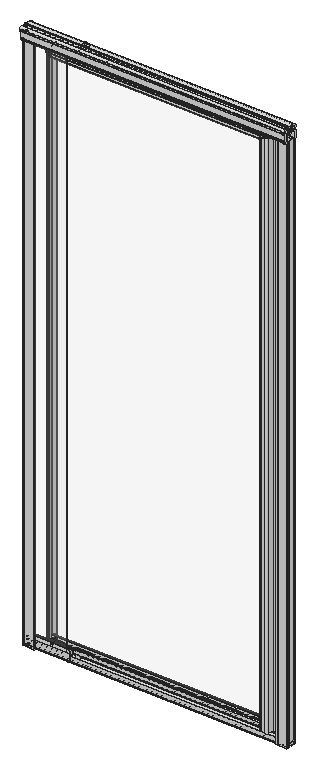
Revit family "Shower-Shower_Door-STERLING-Deluxe-572118_1", category Specialty Equipment, host Face, Revit 2021
Family settings
  Host = Face
  Round Connector Dimension = Use Diameter
  Part Type = Normal
  OmniClass Number = 23.31.17.17
  OmniClass Title = Shower Enclosures
  Cut with Voids When Loaded = No
  Shared = No
  Room Calculation Point = No
Parameters (values of type "S-Silver")
  Width [instance] = 2.23819" + Walk Through + 6.6563"  # 31.21732"
  WaterSense Certified = 1 = 0  # no
  Walk Through [instance] = 22.32283"
  URL = "https://www.sterlingplumbing.com/"
  Type = 1
  Product Page URL = "http://www.sterlingplumbing.com/detail?productNumber=572118-3G06"
  Product Name = "Deluxe"  # constant formula
  Product Documentation Link = "https://resources.kohler.com/plumbing/sterling/pdf/572118-3G06_spec_US-CA_Sterling_en.pdf"
  Model = "572118-3G06-S"  # constant formula
  Material = "Premium Metal Construction"  # constant formula
  Master Format 2014 Name = "Shower Doors"  # constant formula
  Master Format 2014 = "10 28 19.16"  # constant formula
  Manufacturer Address = "444 Highland Dr, Kohler, WI 53044"  # constant formula
  Manufacturer = "Sterling Co."  # constant formula
  Length = 2 15/256"  # constant formula
  Height = 65.6752"  # constant formula
  Finish = Sterling-Metal-S-Silver
  Environmental Product Declaration = ""
  Distance [instance] = Walk Through + 2.1248"  # 24.44764"
  Description = "Bypass Door 65.5 X 32"  # constant formula
  Default Elevation = 4"
  Declare Label = ""
  Date Modified = "01/19/2023"  # constant formula
  Date Created = "01/19/2023"  # constant formula
  Copyright = "Copyright Sterling Co."  # constant formula
  Contact Us = "https://www.sterlingplumbing.com/contact-us"
  Assembly Code = "C1030200"
  ADA Compliant = 1 = 0  # no
Reference planes (in)
  plane 1 "Center (Front/Back)": y = 0
  plane 2: z = 0
  plane 3 "Center (Left/Right)": x = 0
  plane 4: x = -14.7125
  plane 5: x = -12.32296
  plane 6: x = -7.94281
  plane 7: x = 16.50482
  plane 8: y = 0.94571
  plane 9: y = 0.87118
  plane 10: y = -1.11288
  plane 11: y = 0.485
  plane 12: z = 65.6752
  plane 13: z = 65.565
  plane 14: z = 63.733
  plane 15: x = -9.5705
  plane 16: x = -9.7125
  plane 17: x = 16.39324
  plane 18: x = 14.38002
  plane 19: x = 13.48337
  plane 20: x = 14.92268
  plane 21: x = 14.53951
  plane 22: x = 14.24468
Dimensions and locks (in)
  "Length": plane 10 to plane 8
  "Height": plane 12 to level
  plane 4 to plane 6 = 6.76969"
  plane 16 to plane 4 = 5"
  plane 19 to plane 22 to plane 21 to plane 20 to plane 17 to plane 7 = 0.7613" locked, 0.29484" locked, 0.38316" locked, 1.47056" locked, 0.11158" locked
  "Walk Through": plane 6 to plane 18
  "Width": plane 7 to plane 4
  "Distance": plane 6 to plane 7
  aligned and locked: plane 2 to host face
  aligned and locked: level to host face
Automatic sketch dimensions
  host sketch curve to host sketch curve = 96"  (x2)
Nested families (in)
  nested 1: "572118" at (0, 0, 0), type "572118"
    with Distance 24.44764"
Definition of nested family "572118"
  Parameters (values of type "K-572118")
    Distance = 27.55906"
    Material = none
    Default Elevation = 0"
  Reference planes (in)
    plane 1 "Center (Front/Back)": y = 0
    plane 2: z = 0
    plane 3 "Center (Left/Right)": x = 0
    plane 4: x = -14.7125
    plane 5: x = 18.03409
    plane 6: x = -7.9375
    plane 7: x = -12.32296
    plane 8: x = 18.34711
    plane 9: x = 19.62156
    plane 10: x = 19.50859
    plane 11: x = 17.49159
    plane 12: x = 18.03409
    plane 13: x = 19.62156
    plane 14: x = 18.03409
    plane 15: x = 19.50859
    plane 16: x = 17.65093
    plane 17: x = 17.34256
    plane 18: y = -1.111
    plane 19: y = 0.485
    plane 20: y = 0.87118
    plane 21: y = 0.94571
    plane 22: z = 65.675
    plane 23: z = 65.565
    plane 24: x = -9.5705
    plane 25: x = 16.59479
    plane 26: x = -9.7125
  Forms (in)
    Extrusion 1, solid, material <- "Material", detail levels medium+fine
      sketch origin (0, 0, 0) x (0, 1, 0) y (0, 0, 1)
        loop
          line (-1.061, 65.13165) -> (-1.061, 65.27359)
          arc (-1.061, 65.27359) -> (-1.01079, 65.39479) -> (-0.88959, 65.445) r 0.17141
          line (-0.88959, 65.445) -> (-0.70057, 65.445)
          arc (-0.70057, 65.445) -> (-0.68673, 65.43927) -> (-0.681, 65.42543) r 0.01957
          line (-0.681, 65.42543) -> (-0.681, 64.84236)
          arc (-0.681, 64.84236) -> (-0.656, 64.81736) -> (-0.631, 64.84236) r 0.025
          line (-0.631, 64.84236) -> (-0.631, 65.42479)
          arc (-0.631, 65.42479) -> (-0.62508, 65.43908) -> (-0.61079, 65.445) r 0.02021
          line (-0.61079, 65.445) -> (-0.43965, 65.445)
          arc (-0.43965, 65.445) -> (-0.42575, 65.43925) -> (-0.42, 65.42535) r 0.01965
          line (-0.42, 65.42535) -> (-0.42, 64.88523)
          arc (-0.42, 64.88523) -> (-0.39943, 64.83557) -> (-0.34977, 64.815) r 0.07023
          line (-0.34977, 64.815) -> (-0.29484, 64.815)
          arc (-0.29484, 64.815) -> (-0.26984, 64.84) -> (-0.29484, 64.865) r 0.025
          line (-0.29484, 64.865) -> (-0.34974, 64.865)
          arc (-0.34974, 64.865) -> (-0.36407, 64.87093) -> (-0.37, 64.88526) r 0.02026
          line (-0.37, 64.88526) -> (-0.37, 65.46846)
          arc (-0.37, 65.46846) -> (-0.35637, 65.50137) -> (-0.32346, 65.515) r 0.04654
          line (-0.32346, 65.515) -> (0.2445, 65.515)
          arc (0.2445, 65.515) -> (0.36506, 65.46506) -> (0.415, 65.3445) r 0.1705
          line (0.415, 65.3445) -> (0.415, 65.24513)
          arc (0.415, 65.24513) -> (0.41118, 65.22664) -> (0.40035, 65.21118) r 0.04667
          arc (0.40035, 65.21118) -> (0.38531, 65.18969) -> (0.38, 65.164) r 0.06485
          line (0.38, 65.164) -> (0.38, 64.88458)
          arc (0.38, 64.88458) -> (0.37427, 64.87073) -> (0.36042, 64.865) r 0.01958
          line (0.36042, 64.865) -> (0.31009, 64.865)
          arc (0.31009, 64.865) -> (0.28509, 64.84) -> (0.31009, 64.815) r 0.025
          line (0.31009, 64.815) -> (0.39529, 64.815)
          arc (0.39529, 64.815) -> (0.40923, 64.80923) -> (0.415, 64.79529) r 0.01971
          line (0.415, 64.79529) -> (0.415, 64.02433)
          arc (0.415, 64.02433) -> (0.44, 63.99933) -> (0.465, 64.02433) r 0.025
          line (0.465, 64.02433) -> (0.465, 64.39144) -> (0.485, 64.42) -> (0.46, 64.445) -> (0.485, 64.47) -> (0.465, 64.49384) -> (0.465, 64.81125)
          arc (0.465, 64.81125) -> (0.45913, 64.83937) -> (0.4425, 64.86278) r 0.07025
          arc (0.4425, 64.86278) -> (0.43326, 64.87578) -> (0.43, 64.89139) r 0.039
          line (0.43, 64.89139) -> (0.43, 65.15803)
          arc (0.43, 65.15803) -> (0.43416, 65.17548) -> (0.44575, 65.18916) r 0.03862
          arc (0.44575, 65.18916) -> (0.45991, 65.20587) -> (0.465, 65.22718) r 0.04718
          line (0.465, 65.22718) -> (0.465, 65.34359)
          arc (0.465, 65.34359) -> (0.40015, 65.50015) -> (0.24359, 65.565) r 0.22141
          line (0.24359, 65.565) -> (-0.37794, 65.565)
          arc (-0.37794, 65.565) -> (-0.39213, 65.55913) -> (-0.398, 65.54494) r 0.02006
          line (-0.398, 65.54494) -> (-0.398, 65.495) -> (-0.88885, 65.495)
          arc (-0.88885, 65.495) -> (-1.04593, 65.42993) -> (-1.111, 65.27285) r 0.22215
          line (-1.111, 65.27285) -> (-1.111, 65.08195)
          arc (-1.111, 65.08195) -> (-1.10516, 65.06784) -> (-1.09105, 65.062) r 0.01995
          line (-1.09105, 65.062) -> (-1.0463, 65.062)
          arc (-1.0463, 65.062) -> (-1.03195, 65.05605) -> (-1.026, 65.0417) r 0.0203
          line (-1.026, 65.0417) -> (-1.026, 64.314)
          arc (-1.026, 64.314) -> (-0.9772, 64.1848) -> (-0.85516, 64.12014) r 0.19541
          arc (-0.85516, 64.12014) -> (-0.82401, 64.08246) -> (-0.85965, 64.049) r 0.03571
          line (-0.85965, 64.049) -> (-0.91085, 64.049)
          arc (-0.91085, 64.049) -> (-0.93535, 64.0245) -> (-0.91085, 64) r 0.0245
          line (-0.91085, 64) -> (-0.83459, 64)
          arc (-0.83459, 64) -> (-0.79323, 64.01713) -> (-0.7761, 64.0585) r 0.0585
          line (-0.7761, 64.0585) -> (-0.7761, 64.10153)
          arc (-0.7761, 64.10153) -> (-0.79404, 64.14679) -> (-0.83813, 64.16746) r 0.06605
          arc (-0.83813, 64.16746) -> (-0.93611, 64.2134) -> (-0.976, 64.314) r 0.14681
          line (-0.976, 64.314) -> (-0.976, 65.046)
          arc (-0.976, 65.046) -> (-0.99497, 65.09204) -> (-1.04086, 65.11136) r 0.06536
          arc (-1.04086, 65.11136) -> (-1.05511, 65.11735) -> (-1.061, 65.13165) r 0.02029
      from -14.7125 to 19.62156
    Extrusion 2, solid, material <- "Material", detail levels medium+fine
      sketch origin (9.44882, 0, 0) x (1, 0, 0) y (0, 1, 0)
        loop
          line (8.89829, 0.365) -> (10.10219, 0.365)
          arc (10.10219, 0.365) -> (10.11672, 0.35898) -> (10.12274, 0.34446) r 0.02054
          line (10.12274, 0.34446) -> (10.12274, 0.29589)
          arc (10.12274, 0.29589) -> (10.11831, 0.28108) -> (10.10649, 0.27112) r 0.02702
          arc (10.10649, 0.27112) -> (10.07829, 0.24734) -> (10.06774, 0.212) r 0.06446
          line (10.06774, 0.212) -> (10.06774, -0.443)
          arc (10.06774, -0.443) -> (10.07833, -0.47877) -> (10.10669, -0.503) r 0.06569
          arc (10.10669, -0.503) -> (10.11837, -0.51298) -> (10.12274, -0.52771) r 0.02705
          line (10.12274, -0.52771) -> (10.12274, -0.57682)
          arc (10.12274, -0.57682) -> (10.11819, -0.59229) -> (10.106, -0.60285) r 0.02861
          arc (10.106, -0.60285) -> (10.07813, -0.62698) -> (10.06774, -0.66235) r 0.0654
          line (10.06774, -0.66235) -> (10.06774, -0.71502) -> (9.2617, -0.71502) -> (9.2617, -0.60928) -> (9.2117, -0.60928) -> (9.2117, -0.71502) -> (9.0357, -0.71502) -> (9.0357, -0.66009) -> (8.9857, -0.66009) -> (8.9857, -0.71502) -> (8.89829, -0.71502) -> (8.89829, -0.76512) -> (10.11774, -0.76512) -> (10.11774, -0.67227)
          arc (10.11774, -0.67227) -> (10.12241, -0.65607) -> (10.135, -0.64485) r 0.03041
          arc (10.135, -0.64485) -> (10.16252, -0.62033) -> (10.17274, -0.58492) r 0.06645
          line (10.17274, -0.58492) -> (10.17274, -0.52043)
          arc (10.17274, -0.52043) -> (10.1621, -0.48468) -> (10.13366, -0.46055) r 0.06541
          arc (10.13366, -0.46055) -> (10.12207, -0.45072) -> (10.11774, -0.43616) r 0.02665
          line (10.11774, -0.43616) -> (10.11774, 0.20474)
          arc (10.11774, 0.20474) -> (10.12228, 0.22007) -> (10.13443, 0.23045) r 0.02814
          arc (10.13443, 0.23045) -> (10.16232, 0.25427) -> (10.17274, 0.28943) r 0.06456
          line (10.17274, 0.28943) -> (10.17274, 0.39293)
          arc (10.17274, 0.39293) -> (10.16627, 0.40854) -> (10.15067, 0.415) r 0.02207
          line (10.15067, 0.415) -> (8.89829, 0.415) -> (8.89829, 0.365)
      from 0 to 64
    Extrusion 3, solid, material <- "Material", detail levels medium+fine
      sketch origin (0, 0, 0) x (-1, 0, 0) y (0, -1, 0)
        loop
          arc (14.28493, -0.36596) -> (14.25993, -0.39096) -> (14.28493, -0.41596) r 0.025
          line (14.28493, -0.41596) -> (14.68891, -0.41596)
          arc (14.68891, -0.41596) -> (14.71339, -0.39148) -> (14.68891, -0.367) r 0.02448
          line (14.68891, -0.367) -> (14.5311, -0.367)
          arc (14.5311, -0.367) -> (14.51724, -0.36126) -> (14.5115, -0.3474) r 0.0196
          line (14.5115, -0.3474) -> (14.5115, 0.36262)
          arc (14.5115, 0.36262) -> (14.51747, 0.37703) -> (14.53188, 0.383) r 0.02038
          line (14.53188, 0.383) -> (14.64412, 0.383)
          arc (14.64412, 0.383) -> (14.69247, 0.40303) -> (14.7125, 0.45138) r 0.06838
          line (14.7125, 0.45138) -> (14.7125, 0.63095)
          arc (14.7125, 0.63095) -> (14.7033, 0.65963) -> (14.67914, 0.67761) r 0.04931
          arc (14.67914, 0.67761) -> (14.66094, 0.70572) -> (14.68398, 0.73001) r 0.02707
          arc (14.68398, 0.73001) -> (14.71183, 0.7647) -> (14.67925, 0.795) r 0.03267
          line (14.67925, 0.795) -> (14.61241, 0.795)
          arc (14.61241, 0.795) -> (14.59193, 0.79143) -> (14.57386, 0.78116) r 0.06059
          arc (14.57386, 0.78116) -> (13.93876, 0.76602) -> (13.30371, 0.78328) r 12.45915
          arc (13.30371, 0.78328) -> (13.27781, 0.76039) -> (13.30022, 0.73409) r 0.02466
          arc (13.30022, 0.73409) -> (13.36881, 0.72965) -> (13.43753, 0.72853) r 1.42175
          line (13.43753, 0.72853) -> (13.43753, 0.65701)
          arc (13.43753, 0.65701) -> (13.46253, 0.63201) -> (13.48753, 0.65701) r 0.025
          line (13.48753, 0.65701) -> (13.48753, 0.72383)
          arc (13.48753, 0.72383) -> (14.03665, 0.71244) -> (14.58555, 0.732) r 9.75053
          arc (14.58555, 0.732) -> (14.60239, 0.72595) -> (14.6095, 0.70953) r 0.02252
          line (14.6095, 0.70953) -> (14.6095, 0.67694)
          arc (14.6095, 0.67694) -> (14.61989, 0.64157) -> (14.64776, 0.61744) r 0.0654
          arc (14.64776, 0.61744) -> (14.65995, 0.60688) -> (14.6645, 0.59141) r 0.02861
          line (14.6645, 0.59141) -> (14.6645, 0.45114)
          arc (14.6645, 0.45114) -> (14.65869, 0.4371) -> (14.64465, 0.43129) r 0.01985
          line (14.64465, 0.43129) -> (14.52125, 0.43129)
          arc (14.52125, 0.43129) -> (14.48041, 0.41437) -> (14.4635, 0.37354) r 0.05775
          line (14.4635, 0.37354) -> (14.4635, -0.34542)
          arc (14.4635, -0.34542) -> (14.45748, -0.35995) -> (14.44296, -0.36596) r 0.02054
          line (14.44296, -0.36596) -> (14.28493, -0.36596)
      from 0 to 64.815
    Extrusion 4, solid, material <- "Material", detail levels medium+fine
      sketch origin (9.44882, 0, 0) x (1, 0, 0) y (0, 1, 0)
        loop
          line (7.95727, 0.33321) -> (7.95727, 0.91732)
          arc (7.95727, 0.91732) -> (7.94896, 0.93739) -> (7.92888, 0.94571) r 0.0284
          line (7.92888, 0.94571) -> (7.14506, 0.94571) -> (7.14506, 0.8172) -> (7.18627, 0.8172) -> (7.18627, 0.89571) -> (7.88239, 0.89571)
          arc (7.88239, 0.89571) -> (7.89998, 0.88842) -> (7.90727, 0.87083) r 0.02489
          line (7.90727, 0.87083) -> (7.90727, 0.17108) -> (8.47878, 0.17108) -> (8.47878, -0.05979) -> (7.89374, -0.05979) -> (7.89374, -0.71933)
          arc (7.89374, -0.71933) -> (7.84185, -0.8446) -> (7.71659, -0.89649) r 0.17715
          line (7.71659, -0.89649) -> (7.20168, -0.89649) -> (7.20168, -0.81949) -> (7.14597, -0.81949) -> (7.14597, -0.96395) -> (7.76759, -0.96395)
          arc (7.76759, -0.96395) -> (7.9207, -0.90053) -> (7.98413, -0.74741) r 0.21654
          line (7.98413, -0.74741) -> (7.98413, -0.09828) -> (8.58527, -0.09828) -> (8.58527, 0.33321) -> (8.49808, 0.33321) -> (8.49808, 0.29321) -> (8.54527, 0.29321) -> (8.54527, 0.22821) -> (7.94327, 0.22821) -> (7.94327, 0.29321) -> (8.06134, 0.29321) -> (8.06134, 0.33321) -> (7.95727, 0.33321)
      from 0.858 to 63.733
    Extrusion 5, solid, material <- "Material", detail levels medium+fine
      sketch origin (0, 0, 0) x (0, 1, 0) y (0, 0, 1)
        loop
          line (-0.58329, 0.405) -> (-0.58329, 0.63016)
          arc (-0.58329, 0.63016) -> (-0.60829, 0.65516) -> (-0.63329, 0.63016) r 0.025
          line (-0.63329, 0.63016) -> (-0.63329, 0.15895)
          arc (-0.63329, 0.15895) -> (-0.60329, 0.12895) -> (-0.57329, 0.15895) r 0.03
          line (-0.57329, 0.15895) -> (-0.57329, 0.18982)
          arc (-0.57329, 0.18982) -> (-0.56738, 0.20409) -> (-0.55311, 0.21) r 0.02018
          line (-0.55311, 0.21) -> (-0.51318, 0.21)
          arc (-0.51318, 0.21) -> (-0.49912, 0.20417) -> (-0.49329, 0.1901) r 0.0199
          line (-0.49329, 0.1901) -> (-0.49329, 0.0903)
          arc (-0.49329, 0.0903) -> (-0.49924, 0.07595) -> (-0.51359, 0.07) r 0.0203
          line (-0.51359, 0.07) -> (-0.63329, 0.07) -> (-0.63329, 0.01981)
          arc (-0.63329, 0.01981) -> (-0.62749, 0.0058) -> (-0.61348, 0) r 0.01981
          line (-0.61348, 0) -> (-0.50871, 0)
          arc (-0.50871, 0) -> (-0.45892, 0.02063) -> (-0.43829, 0.07043) r 0.07043
          line (-0.43829, 0.07043) -> (-0.43829, 0.19468)
          arc (-0.43829, 0.19468) -> (-0.45889, 0.2444) -> (-0.50861, 0.265) r 0.07032
          line (-0.50861, 0.265) -> (-0.55328, 0.265)
          arc (-0.55328, 0.265) -> (-0.56743, 0.27086) -> (-0.57329, 0.28501) r 0.02001
          line (-0.57329, 0.28501) -> (-0.57329, 0.33193)
          arc (-0.57329, 0.33193) -> (-0.56741, 0.34612) -> (-0.55321, 0.352) r 0.02007
          line (-0.55321, 0.352) -> (0.28647, 0.352)
          arc (0.28647, 0.352) -> (0.30078, 0.34607) -> (0.30671, 0.33176) r 0.02024
          line (0.30671, 0.33176) -> (0.30671, 0.045) -> (0.00563, 0.045)
          arc (0.00563, 0.045) -> (-0.01687, 0.0225) -> (0.00563, 0) r 0.0225
          line (0.00563, 0) -> (0.34193, 0)
          arc (0.34193, 0) -> (0.35592, 0.00579) -> (0.36171, 0.01978) r 0.01978
          line (0.36171, 0.01978) -> (0.36171, 0.32621)
          arc (0.36171, 0.32621) -> (0.33863, 0.38192) -> (0.28292, 0.405) r 0.07879
          line (0.28292, 0.405) -> (-0.58329, 0.405)
      from -14.4635 to 19.62156
    Extrusion 6, solid, material <- "Material", detail levels medium+fine
      sketch origin (0, 0, 0) x (0, 1, 0) y (0, 0, 1)
        loop
          line (-0.66335, 0.085) -> (-0.5288, 0.085)
          arc (-0.5288, 0.085) -> (-0.5143, 0.09101) -> (-0.50829, 0.10551) r 0.02051
          line (-0.50829, 0.10551) -> (-0.50829, 0.17839)
          arc (-0.50829, 0.17839) -> (-0.53313, 0.20323) -> (-0.55797, 0.17839) r 0.02484
          line (-0.55797, 0.17839) -> (-0.55797, 0.14149)
          arc (-0.55797, 0.14149) -> (-0.56393, 0.12709) -> (-0.57833, 0.12112) r 0.02036
          line (-0.57833, 0.12112) -> (-0.6131, 0.12112)
          arc (-0.6131, 0.12112) -> (-0.62738, 0.12703) -> (-0.63329, 0.14131) r 0.02018
          line (-0.63329, 0.14131) -> (-0.63329, 0.82489)
          arc (-0.63329, 0.82489) -> (-0.6274, 0.83911) -> (-0.61318, 0.845) r 0.02011
          line (-0.61318, 0.845) -> (-0.4016, 0.845)
          arc (-0.4016, 0.845) -> (-0.38724, 0.83905) -> (-0.38129, 0.82468) r 0.02032
          line (-0.38129, 0.82468) -> (-0.38129, 0.54698)
          arc (-0.38129, 0.54698) -> (-0.35629, 0.52198) -> (-0.33129, 0.54698) r 0.025
          line (-0.33129, 0.54698) -> (-0.33129, 0.91969) -> (-0.36326, 1.37692)
          arc (-0.36326, 1.37692) -> (-0.38994, 1.40011) -> (-0.41314, 1.37343) r 0.025
          line (-0.41314, 1.37343) -> (-0.38147, 0.92055)
          arc (-0.38147, 0.92055) -> (-0.38659, 0.90611) -> (-0.40064, 0.9) r 0.01921
          line (-0.40064, 0.9) -> (-0.61334, 0.9)
          arc (-0.61334, 0.9) -> (-0.62784, 0.9063) -> (-0.63312, 0.92121) r 0.01982
          line (-0.63312, 0.92121) -> (-0.60149, 1.37344)
          arc (-0.60149, 1.37344) -> (-0.62467, 1.4001) -> (-0.65133, 1.37692) r 0.02498
          line (-0.65133, 1.37692) -> (-0.68329, 0.91988) -> (-0.68329, 0.10494)
          arc (-0.68329, 0.10494) -> (-0.67745, 0.09084) -> (-0.66335, 0.085) r 0.01994
      from -14.57386 to -9.2125
    Extrusion 7, solid, material <- "Material", detail levels medium+fine
      sketch origin (0, 0, 0) x (1, 0, 0) y (0, 1, 0)
        loop
          line (-11.97796, 0.70896) -> (-11.97796, 0.23924) -> (-12.2997, 0.23924)
          arc (-12.2997, 0.23924) -> (-12.31615, 0.23242) -> (-12.32296, 0.21597) r 0.02327
          line (-12.32296, 0.21597) -> (-12.32296, -0.0903)
          arc (-12.32296, -0.0903) -> (-12.3166, -0.10565) -> (-12.30125, -0.11201) r 0.02171
          line (-12.30125, -0.11201) -> (-11.95216, -0.11201)
          arc (-11.95216, -0.11201) -> (-11.92605, -0.0859) -> (-11.95216, -0.05979) r 0.02611
          line (-11.95216, -0.05979) -> (-12.28296, -0.05979) -> (-12.28296, 0.17318) -> (-11.96906, 0.17318)
          arc (-11.96906, 0.17318) -> (-11.94, 0.18522) -> (-11.92796, 0.21428) r 0.0411
          line (-11.92796, 0.21428) -> (-11.92796, 0.80371)
          arc (-11.92796, 0.80371) -> (-12.05795, 0.85533) -> (-11.99879, 0.7286) r 0.07524
          arc (-11.99879, 0.7286) -> (-11.98414, 0.72327) -> (-11.97796, 0.70896) r 0.01967
      from 1.106 to 63.27339
    Extrusion 8, solid, material <- "Material", detail levels medium+fine
      sketch origin (0, 0, 0) x (0, 1, 0) y (0, 0, 1)
        loop
          line (0.77252, 1.13401) -> (0.26663, 1.33308)
          arc (0.26663, 1.33308) -> (0.2276, 1.36425) -> (0.21289, 1.41198) r 0.08479
          line (0.21289, 1.41198) -> (0.21289, 1.7169)
          arc (0.21289, 1.7169) -> (0.1966, 1.75621) -> (0.15729, 1.7725) r 0.0556
          line (0.15729, 1.7725) -> (0.12419, 1.7725) -> (0.12419, 1.45522) -> (-0.00479, 1.45522) -> (-0.00479, 1.7725) -> (-0.04162, 1.7725)
          arc (-0.04162, 1.7725) -> (-0.0824, 1.75561) -> (-0.09929, 1.71483) r 0.05767
          line (-0.09929, 1.71483) -> (-0.09929, 1.35234)
          arc (-0.09929, 1.35234) -> (-0.10935, 1.32806) -> (-0.13363, 1.318) r 0.03434
          line (-0.13363, 1.318) -> (-0.22356, 1.318)
          arc (-0.22356, 1.318) -> (-0.23924, 1.31151) -> (-0.24573, 1.29583) r 0.02217
          line (-0.24573, 1.29583) -> (-0.24573, 0.87817)
          arc (-0.24573, 0.87817) -> (-0.23982, 0.86391) -> (-0.22556, 0.858) r 0.02017
          line (-0.22556, 0.858) -> (-0.10799, 0.858)
          arc (-0.10799, 0.858) -> (-0.07549, 0.8905) -> (-0.10799, 0.923) r 0.0325
          line (-0.10799, 0.923) -> (-0.15146, 0.923)
          arc (-0.15146, 0.923) -> (-0.16619, 0.9291) -> (-0.17229, 0.94382) r 0.02082
          line (-0.17229, 0.94382) -> (-0.17229, 1.23304)
          arc (-0.17229, 1.23304) -> (-0.16644, 1.24715) -> (-0.15233, 1.253) r 0.01996
          line (-0.15233, 1.253) -> (-0.07088, 1.253)
          arc (-0.07088, 1.253) -> (-0.0565, 1.2481) -> (-0.0481, 1.23544) r 0.02356
          arc (-0.0481, 1.23544) -> (-0.03728, 1.21039) -> (-0.01955, 1.18965) r 0.09133
          arc (-0.01955, 1.18965) -> (0.01463, 1.19133) -> (0.01452, 1.22554) r 0.02477
          arc (0.01452, 1.22554) -> (0.05738, 1.32666) -> (0.10093, 1.22584) r 0.05973
          arc (0.10093, 1.22584) -> (0.10167, 1.19064) -> (0.13687, 1.19098) r 0.02504
          arc (0.13687, 1.19098) -> (0.16405, 1.23784) -> (0.16485, 1.29201) r 0.10718
          arc (0.16485, 1.29201) -> (0.1699, 1.30803) -> (0.18645, 1.3109) r 0.01616
          line (0.18645, 1.3109) -> (0.34499, 1.24851)
          arc (0.34499, 1.24851) -> (0.35786, 1.23823) -> (0.36271, 1.22249) r 0.02797
          line (0.36271, 1.22249) -> (0.36271, 1.16873)
          arc (0.36271, 1.16873) -> (0.35703, 1.15427) -> (0.34302, 1.14754) r 0.02125
          arc (0.34302, 1.14754) -> (0.30367, 1.12863) -> (0.28771, 1.08801) r 0.05969
          line (0.28771, 1.08801) -> (0.28771, 0.94276)
          arc (0.28771, 0.94276) -> (0.28192, 0.92879) -> (0.26795, 0.923) r 0.01976
          line (0.26795, 0.923) -> (0.19571, 0.923) -> (0.19571, 0.87813)
          arc (0.19571, 0.87813) -> (0.20161, 0.8639) -> (0.21584, 0.858) r 0.02013
          line (0.21584, 0.858) -> (0.32846, 0.858)
          arc (0.32846, 0.858) -> (0.34298, 0.86402) -> (0.349, 0.87854) r 0.02054
          line (0.349, 0.87854) -> (0.349, 1.06878)
          arc (0.349, 1.06878) -> (0.38787, 1.10766) -> (0.42675, 1.06878) r 0.03887
          line (0.42675, 1.06878) -> (0.42675, 0.87636)
          arc (0.42675, 0.87636) -> (0.43406, 0.8624) -> (0.4497, 0.86046) r 0.01698
          arc (0.4497, 0.86046) -> (0.47728, 0.88198) -> (0.48771, 0.91536) r 0.05866
          line (0.48771, 0.91536) -> (0.48771, 1.08801)
          arc (0.48771, 1.08801) -> (0.47159, 1.12896) -> (0.43188, 1.14795) r 0.0601
          arc (0.43188, 1.14795) -> (0.41825, 1.15447) -> (0.41271, 1.16854) r 0.02064
          line (0.41271, 1.16854) -> (0.41271, 1.22186) -> (0.75421, 1.08748)
          arc (0.75421, 1.08748) -> (0.78663, 1.10159) -> (0.77252, 1.13401) r 0.025
      from -11.92796 to 17.34256
    Extrusion 9, solid, detail levels medium+fine
      sketch origin (0, 0, 0) x (1, 0, 0) y (0, 1, 0)
        loop
          line (-9.5625, -0.38314) -> (-9.5625, -0.63143) -> (-9.2125, -0.63143) -> (-9.2125, -0.69141) -> (-9.17284, -0.69141)
          arc (-9.17284, -0.69141) -> (-9.13017, -0.67374) -> (-9.1125, -0.63107) r 0.06034
          line (-9.1125, -0.63107) -> (-9.1125, -0.37919)
          arc (-9.1125, -0.37919) -> (-9.12891, -0.33957) -> (-9.16853, -0.32317) r 0.05603
          line (-9.16853, -0.32317) -> (-9.2125, -0.32317) -> (-9.2125, -0.38314) -> (-9.5625, -0.38314)
      from 0.9 to 1.38512
    Extrusion 10, solid, material <- "Material", detail levels medium+fine
      sketch origin (9.44882, 0, 0) x (1, 0, 0) y (0, 1, 0)
        loop
          line (9.27747, -0.52829) -> (9.27747, 0.30671) -> (10.05977, 0.30671) -> (10.05977, 0.36171) -> (9.28447, 0.36171) -> (9.28447, 0.41171) -> (8.59777, 0.41171) -> (8.59777, 0.48998)
          arc (8.59777, 0.48998) -> (8.58688, 0.51629) -> (8.56057, 0.52718) r 0.0372
          line (8.56057, 0.52718) -> (8.04277, 0.52718) -> (8.04277, 0.35571) -> (8.13847, 0.35571) -> (8.13847, 0.43221) -> (8.09277, 0.43221) -> (8.09277, 0.47071) -> (8.53147, 0.47071) -> (8.53147, 0.35571) -> (9.22247, 0.35571) -> (9.22247, -0.58329) -> (10.05977, -0.58329) -> (10.05977, -0.52829) -> (9.27747, -0.52829)
      from 0.405 to 63.875
    Extrusion 11, solid
      sketch origin (0, 0, 0) x (1, 0, 0) y (0, 1, 0)
        loop
          line (-9.5705, -0.58529) -> (-9.5705, -0.4383) -> (-14.63825, -0.4383) -> (-14.63825, -0.58529) -> (-9.5705, -0.58529)
      from 0.9 to 65.30343
    Extrusion 12, solid, material <- "Material", detail levels medium+fine
      sketch origin (0, 0, 64.815) x (0, 1, 0) y (0, 0, 1)
        loop
          arc (0.77252, -1.35762) -> (0.78663, -1.3252) -> (0.75421, -1.31109) r 0.025
          line (0.75421, -1.31109) -> (0.41271, -1.44547) -> (0.41271, -1.39215)
          arc (0.41271, -1.39215) -> (0.41825, -1.37808) -> (0.43188, -1.37156) r 0.02064
          arc (0.43188, -1.37156) -> (0.47159, -1.35258) -> (0.48771, -1.31162) r 0.0601
          line (0.48771, -1.31162) -> (0.48771, -1.13898)
          arc (0.48771, -1.13898) -> (0.47728, -1.10559) -> (0.4497, -1.08408) r 0.05866
          arc (0.4497, -1.08408) -> (0.43406, -1.08601) -> (0.42675, -1.09997) r 0.01698
          line (0.42675, -1.09997) -> (0.42675, -1.29239)
          arc (0.42675, -1.29239) -> (0.38787, -1.33127) -> (0.349, -1.29239) r 0.03887
          line (0.349, -1.29239) -> (0.349, -1.10215)
          arc (0.349, -1.10215) -> (0.34298, -1.08763) -> (0.32846, -1.08161) r 0.02054
          line (0.32846, -1.08161) -> (0.21584, -1.08161)
          arc (0.21584, -1.08161) -> (0.20161, -1.08751) -> (0.19571, -1.10174) r 0.02013
          line (0.19571, -1.10174) -> (0.19571, -1.14661) -> (0.26795, -1.14661)
          arc (0.26795, -1.14661) -> (0.28192, -1.1524) -> (0.28771, -1.16637) r 0.01976
          line (0.28771, -1.16637) -> (0.28771, -1.31162)
          arc (0.28771, -1.31162) -> (0.30367, -1.35225) -> (0.34302, -1.37115) r 0.05969
          arc (0.34302, -1.37115) -> (0.35703, -1.37788) -> (0.36271, -1.39234) r 0.02125
          line (0.36271, -1.39234) -> (0.36271, -1.4461)
          arc (0.36271, -1.4461) -> (0.35786, -1.46184) -> (0.34499, -1.47212) r 0.02797
          line (0.34499, -1.47212) -> (0.18645, -1.53451)
          arc (0.18645, -1.53451) -> (0.1699, -1.53164) -> (0.16485, -1.51562) r 0.01616
          arc (0.16485, -1.51562) -> (0.16405, -1.46146) -> (0.13687, -1.4146) r 0.10718
          arc (0.13687, -1.4146) -> (0.10167, -1.41425) -> (0.10093, -1.44945) r 0.02504
          arc (0.10093, -1.44945) -> (0.05738, -1.55027) -> (0.01452, -1.44916) r 0.05973
          arc (0.01452, -1.44916) -> (0.01463, -1.41494) -> (-0.01955, -1.41326) r 0.02477
          arc (-0.01955, -1.41326) -> (-0.03728, -1.434) -> (-0.0481, -1.45905) r 0.09133
          arc (-0.0481, -1.45905) -> (-0.0565, -1.47171) -> (-0.07088, -1.47661) r 0.02356
          line (-0.07088, -1.47661) -> (-0.15233, -1.47661)
          arc (-0.15233, -1.47661) -> (-0.16644, -1.47077) -> (-0.17229, -1.45665) r 0.01996
          line (-0.17229, -1.45665) -> (-0.17229, -1.16744)
          arc (-0.17229, -1.16744) -> (-0.16619, -1.15271) -> (-0.15146, -1.14661) r 0.02082
          line (-0.15146, -1.14661) -> (-0.10799, -1.14661)
          arc (-0.10799, -1.14661) -> (-0.07549, -1.11411) -> (-0.10799, -1.08161) r 0.0325
          line (-0.10799, -1.08161) -> (-0.22556, -1.08161)
          arc (-0.22556, -1.08161) -> (-0.23982, -1.08752) -> (-0.24573, -1.10179) r 0.02017
          line (-0.24573, -1.10179) -> (-0.24573, -1.51944)
          arc (-0.24573, -1.51944) -> (-0.23924, -1.53512) -> (-0.22356, -1.54161) r 0.02217
          line (-0.22356, -1.54161) -> (-0.13363, -1.54161)
          arc (-0.13363, -1.54161) -> (-0.10935, -1.55167) -> (-0.09929, -1.57595) r 0.03434
          line (-0.09929, -1.57595) -> (-0.09929, -1.93844)
          arc (-0.09929, -1.93844) -> (-0.0824, -1.97922) -> (-0.04162, -1.99611) r 0.05767
          line (-0.04162, -1.99611) -> (-0.00479, -1.99611) -> (-0.00479, -1.67883) -> (0.12419, -1.67883) -> (0.12419, -1.99611) -> (0.15729, -1.99611)
          arc (0.15729, -1.99611) -> (0.1966, -1.97983) -> (0.21289, -1.94051) r 0.0556
          line (0.21289, -1.94051) -> (0.21289, -1.63559)
          arc (0.21289, -1.63559) -> (0.2276, -1.58786) -> (0.26663, -1.55669) r 0.08479
          line (0.26663, -1.55669) -> (0.77252, -1.35762)
      from -12.32296 to 17.34256
    Extrusion 13, solid
      sketch origin (0, 0, 0) x (1, 0, 0) y (0, 1, 0)
        loop
          line (-12.23996, 0.12419) -> (-12.23996, -0.00479) -> (17.65093, -0.00479) -> (17.65093, 0.12419) -> (-12.23996, 0.12419)
      from 1.45522 to 63.13617
    Extrusion 14, solid, material <- "Material", detail levels medium+fine
      sketch origin (0, 0, 0) x (0, 1, 0) y (0, 0, 1)
        loop
          line (0.37, 65.359) -> (0.214, 65.515) -> (-0.214, 65.515) -> (-0.37, 65.359) -> (-0.37, 64.89) -> (-0.29559, 64.89)
          arc (-0.29559, 64.89) -> (-0.28103, 64.88397) -> (-0.275, 64.86941) r 0.02059
          line (-0.275, 64.86941) -> (-0.275, 64.64) -> (0.275, 64.64) -> (0.275, 64.86896)
          arc (0.275, 64.86896) -> (0.28116, 64.88384) -> (0.29604, 64.89) r 0.02104
          line (0.29604, 64.89) -> (0.37, 64.89) -> (0.37, 65.359)
      from -7.4375 to -8.9875
    Revolve 15, solid, detail levels medium+fine
      sketch origin (0, 0, 0) x (1, 0, 0) y (0, 0, 1)
        loop
          line (-7.9375, 65.675) -> (-8.19352, 65.675) -> (-8.19352, 65.565) -> (-7.9375, 65.565) -> (-7.9375, 65.675)
        axis (-7.9375, 65.565) -> (-7.9375, 65.675)
      angle from 0 to 360
    Revolve 16, solid, detail levels medium+fine
      sketch origin (0, 0, 0) x (1, 0, 0) y (0, 0, 1)
        loop
          line (-8.71249, 63.48) -> (-8.71249, 64.81125) -> (-8.83588, 64.81125) -> (-8.83588, 63.952) -> (-8.98627, 63.952) -> (-8.98627, 63.733) -> (-8.83588, 63.733) -> (-8.83588, 63.48) -> (-8.71249, 63.48)
        axis (-8.71249, 64.81125) -> (-8.71249, 63.48)
      angle from 0 to 360
    Extrusion 17, void
      sketch origin (0, 0, 0) x (1, 0, 0) y (0, 1, 0)
        loop
          line (-8.03709, 0.1725) -> (-8.13669, 0) -> (-8.03709, -0.1725) -> (-7.83791, -0.1725) -> (-7.73831, 0) -> (-7.83791, 0.1725) -> (-8.03709, 0.1725)
        loop
          circle (-7.9375, 0) r 0.25602
      from 66.03381 to 65.23119
    Revolve 18, solid, material <- "Material", detail levels medium+fine
      sketch origin (0, 0, 0) x (1, 0, 0) y (0, 0, 1)
        loop
          line (-8.7125, 0.405) -> (-8.45767, 0.405) -> (-8.45767, 0.858) -> (-8.7125, 0.858) -> (-8.7125, 0.405)
        axis (-8.7125, 0.858) -> (-8.7125, 0.405)
      angle from 0 to 360
    Extrusion 19, solid, material <- "Material", detail levels coarse
      sketch origin (0, 0, 0) x (0, 1, 0) y (0, 0, 1)
        loop
          line (-1.111, 65.675) -> (-1.111, 63.733) -> (-0.58529, 63.733) -> (-0.58529, 65.30343) -> (-0.4383, 65.30343) -> (-0.4383, 63.733) -> (-0.24573, 63.733) -> (-0.24573, 62.81889) -> (-0.00479, 62.81889) -> (-0.00479, 63.13617) -> (0.12419, 63.13617) -> (0.12419, 62.81889) -> (0.485, 62.81889) -> (0.485, 63.733) -> (0.81745, 63.733) -> (0.81745, 65.675) -> (-1.111, 65.675)
        loop
          line (0.81745, 0) -> (0.81745, 1.13458) -> (0.22821, 1.13458) -> (0.22821, 1.67555) -> (0.12419, 1.67555) -> (0.12419, 1.45522) -> (-0.00479, 1.45522) -> (-0.00479, 1.67555) -> (-0.11201, 1.67555) -> (-0.11201, 1.13458) -> (-0.32317, 1.13458) -> (-0.32317, 1.38512) -> (-0.4383, 1.38512) -> (-0.4383, 1.13458) -> (-0.58529, 1.13458) -> (-0.58529, 1.38512) -> (-0.69141, 1.38512) -> (-0.69141, 1.13458) -> (-1.111, 1.13458) -> (-1.111, 0) -> (0.81745, 0)
      from -14.7125 to 19.62156
    Extrusion 20, solid, material <- "Material", detail levels coarse
      sketch origin (0, 0, 0) x (1, 0, 0) y (0, 1, 0)
        loop
          line (-14.7125, 0.485) -> (-14.7125, -1.111) -> (-12.32296, -1.111) -> (-12.32296, 0.485) -> (-14.7125, 0.485)
        loop
          line (19.62156, -1.111) -> (19.62156, 0.485) -> (17.34256, 0.485) -> (17.34256, 0.94571) -> (16.59479, 0.94571) -> (16.59479, 0.485) -> (16.59479, -1.111) -> (19.62156, -1.111)
      from 0 to 65.675
    Extrusion 21, void
      sketch origin (0, 0, 0) x (1, 0, 0) y (0, 0, 1)
        loop
          line (-9.21801, 1.52133) -> (-9.21801, 1.13458) -> (16.59479, 1.13458) -> (16.59479, 1.52133) -> (-9.21801, 1.52133)
      from 0.2892 to 1.3699
  Cuts and joins
    Extrusion 17 cuts Revolve 15
    Extrusion 21 cuts Extrusion 19
    joined: Extrusion 19, Extrusion 20
  Lines and regions (in)
    Masking region 1
      outline origin (0, 0, 0) x (1, 0, 0) y (0, 0, 1)
        loop
          line (-14.7125, 65.565) -> (-14.7125, 0) -> (19.62156, 0) -> (19.62156, 65.565) -> (-7.79185, 65.565) -> (-7.79185, 65.675) -> (-8.08184, 65.675) -> (-8.08184, 65.565) -> (-14.7125, 65.565)
        loop
          line (-9.7125, 64) -> (-9.7125, 63.733) -> (-8.96538, 63.733) -> (-8.96538, 63.94941) -> (-8.83619, 63.94941) -> (-8.83619, 64) -> (-9.7125, 64)
        loop
          line (17.34256, 63.733) -> (17.34256, 63.875) -> (18.31538, 63.875) -> (18.31538, 64) -> (-8.58863, 64) -> (-8.58863, 63.952) -> (-8.45962, 63.952) -> (-8.45962, 63.733) -> (17.34256, 63.733)
        loop
          line (-9.2125, 0.858) -> (-9.2125, 0.65573) -> (-8.96538, 0.65573) -> (-8.96538, 0.858) -> (-9.2125, 0.858)
        loop
          line (17.48906, 0.65573) -> (17.48906, 0.858) -> (-8.45962, 0.858) -> (-8.45962, 0.65573) -> (17.48906, 0.65573)
    Masking region 2
      outline origin (0, 0, 0) x (0, 1, 0) y (0, 0, 1)
        loop
          line (-0.795, 0) -> (0.415, 0) -> (0.415, 0.405) -> (0.53171, 0.405) -> (0.53171, 0.858) -> (0.94571, 0.858) -> (0.94571, 63.733) -> (0.53171, 63.733) -> (0.53171, 63.875) -> (0.41571, 63.875) -> (0.41571, 64.02149)
          arc (0.41571, 64.02149) -> (0.44199, 64.00029) -> (0.465, 64.025) r 0.02477
          line (0.465, 64.025) -> (0.465, 64.13478) -> (0.53563, 64.13478)
          arc (0.53563, 64.13478) -> (0.55357, 64.14221) -> (0.561, 64.16015) r 0.02537
          line (0.561, 64.16015) -> (0.561, 64.57964)
          arc (0.561, 64.57964) -> (0.55389, 64.59681) -> (0.53673, 64.60391) r 0.02427
          line (0.53673, 64.60391) -> (0.465, 64.60391) -> (0.465, 64.81125)
          arc (0.465, 64.81125) -> (0.45576, 64.85027) -> (0.43, 64.881) r 0.087
          line (0.43, 64.881) -> (0.43, 65.16331)
          arc (0.43, 65.16331) -> (0.43511, 65.17874) -> (0.44843, 65.18806) r 0.02583
          arc (0.44843, 65.18806) -> (0.46072, 65.20809) -> (0.465, 65.23119) r 0.06444
          line (0.465, 65.23119) -> (0.465, 65.34205)
          arc (0.465, 65.34205) -> (0.3997, 65.4997) -> (0.24205, 65.565) r 0.22295
          line (0.24205, 65.565) -> (0.125, 65.565) -> (0.125, 65.675) -> (-0.125, 65.675) -> (-0.125, 65.565) -> (-0.37752, 65.565)
          arc (-0.37752, 65.565) -> (-0.392, 65.559) -> (-0.398, 65.54452) r 0.02048
          line (-0.398, 65.54452) -> (-0.398, 65.49518) -> (-0.89175, 65.49518)
          arc (-0.89175, 65.49518) -> (-1.04713, 65.43082) -> (-1.1115, 65.27544) r 0.21974
          line (-1.1115, 65.27544) -> (-1.1115, 65.0807)
          arc (-1.1115, 65.0807) -> (-1.10545, 65.06612) -> (-1.09087, 65.06007) r 0.02063
          line (-1.09087, 65.06007) -> (-1.04582, 65.06007)
          arc (-1.04582, 65.06007) -> (-1.02932, 65.05324) -> (-1.02249, 65.03674) r 0.02334
          line (-1.02249, 65.03674) -> (-1.02249, 64.30754)
          arc (-1.02249, 64.30754) -> (-0.97351, 64.18063) -> (-0.85197, 64.11954) r 0.1889
          arc (-0.85197, 64.11954) -> (-0.81848, 64.08339) -> (-0.85376, 64.049) r 0.03529
          line (-0.85376, 64.049) -> (-0.90947, 64.049)
          arc (-0.90947, 64.049) -> (-0.93397, 64.0245) -> (-0.90947, 64) r 0.0245
          line (-0.90947, 64) -> (-0.847, 64)
          arc (-0.847, 64) -> (-0.81887, 64.00558) -> (-0.795, 64.02149) r 0.07365
          line (-0.795, 64.02149) -> (-0.795, 63.733) -> (-0.96447, 63.733) -> (-0.96447, 0.858) -> (-0.795, 0.858) -> (-0.795, 0)
        loop
          arc (-0.631, 64.92103) -> (-0.63678, 64.86644) -> (-0.65385, 64.81427) r 0.26086
          line (-0.65385, 64.81427) -> (-0.58529, 64.81427) -> (-0.58529, 65.28514)
          arc (-0.58529, 65.28514) -> (-0.50729, 65.30735) -> (-0.42929, 65.28514) r 0.14805
          line (-0.42929, 65.28514) -> (-0.42929, 64.81427) -> (-0.349, 64.81427)
          arc (-0.349, 64.81427) -> (-0.39925, 64.83554) -> (-0.42, 64.886) r 0.07173
          line (-0.42, 64.886) -> (-0.42, 65.445) -> (-0.631, 65.445) -> (-0.631, 64.92103)
        loop
          line (-0.681, 65.445) -> (-0.89035, 65.445)
          arc (-0.89035, 65.445) -> (-1.01102, 65.39502) -> (-1.061, 65.27435) r 0.17065
          line (-1.061, 65.27435) -> (-1.061, 65.13274)
          arc (-1.061, 65.13274) -> (-1.05484, 65.11766) -> (-1.03989, 65.11119) r 0.02155
          arc (-1.03989, 65.11119) -> (-0.99463, 65.09164) -> (-0.976, 65.046) r 0.06521
          line (-0.976, 65.046) -> (-0.976, 64.314)
          arc (-0.976, 64.314) -> (-0.93902, 64.21742) -> (-0.847, 64.17023) r 0.14461
          arc (-0.847, 64.17023) -> (-0.8191, 64.16258) -> (-0.795, 64.14657) r 0.09113
          line (-0.795, 64.14657) -> (-0.795, 64.81427) -> (-0.681, 64.81427) -> (-0.681, 65.445)
        loop
          line (0.37, 65.359) -> (0.37, 64.89) -> (0.297, 64.89)
          arc (0.297, 64.89) -> (0.28144, 64.88356) -> (0.275, 64.868) r 0.022
          line (0.275, 64.868) -> (0.275, 64.81427) -> (0.31, 64.81427)
          arc (0.31, 64.81427) -> (0.28464, 64.83964) -> (0.31, 64.865) r 0.02536
          line (0.31, 64.865) -> (0.35811, 64.865)
          arc (0.35811, 64.865) -> (0.37359, 64.87141) -> (0.38, 64.88689) r 0.02189
          line (0.38, 64.88689) -> (0.38, 65.164)
          arc (0.38, 65.164) -> (0.3855, 65.18999) -> (0.40104, 65.21152) r 0.06418
          arc (0.40104, 65.21152) -> (0.41135, 65.2258) -> (0.415, 65.24304) r 0.04256
          line (0.415, 65.24304) -> (0.415, 65.343)
          arc (0.415, 65.343) -> (0.37159, 65.45773) -> (0.2631, 65.515) r 0.17333
          line (0.2631, 65.515) -> (0.214, 65.515) -> (0.37, 65.359)
        loop
          line (-0.214, 65.515) -> (-0.32427, 65.515) -> (-0.37, 65.46927) -> (-0.37, 65.359) -> (-0.214, 65.515)
    Masking region 3
      outline origin (0, 0, 0) x (1, 0, 0) y (0, 1, 0)
        loop
          line (-14.7125, -1.111) -> (19.62156, -1.111) -> (19.62156, 0.485) -> (19.43338, 0.485) -> (19.43338, 0.53932)
          arc (19.43338, 0.53932) -> (19.42708, 0.55453) -> (19.41187, 0.56083) r 0.02151
          line (19.41187, 0.56083) -> (18.98308, 0.56083)
          arc (18.98308, 0.56083) -> (18.96923, 0.55509) -> (18.96349, 0.54124) r 0.01959
          line (18.96349, 0.54124) -> (18.96349, 0.485) -> (18.04659, 0.485) -> (18.04659, 0.53105) -> (17.49159, 0.53105) -> (17.49159, 0.485) -> (17.40609, 0.485) -> (17.40609, 0.83353)
          arc (17.40609, 0.83353) -> (17.37324, 0.91285) -> (17.29391, 0.94571) r 0.11218
          line (17.29391, 0.94571) -> (16.59479, 0.94571) -> (16.59479, 0.8172) -> (16.65342, 0.8172) -> (16.65342, 0.89571) -> (17.2922, 0.89571)
          arc (17.2922, 0.89571) -> (17.33738, 0.877) -> (17.35609, 0.83182) r 0.0639
          line (17.35609, 0.83182) -> (17.35609, 0.78766) -> (-11.92796, 0.78766) -> (-11.92796, 0.82045)
          arc (-11.92796, 0.82045) -> (-11.93937, 0.85294) -> (-11.96859, 0.87118) r 0.05199
          arc (-11.96859, 0.87118) -> (-11.99612, 0.87534) -> (-12.02397, 0.87561) r 0.19832
          arc (-12.02397, 0.87561) -> (-12.09372, 0.78857) -> (-12.00026, 0.72771) r 0.07526
          arc (-12.00026, 0.72771) -> (-11.98488, 0.72459) -> (-11.97796, 0.71052) r 0.01777
          line (-11.97796, 0.71052) -> (-11.97796, 0.485) -> (-14.24256, 0.485) -> (-14.24256, 0.53974)
          arc (-14.24256, 0.53974) -> (-14.24879, 0.55477) -> (-14.26382, 0.561) r 0.02126
          line (-14.26382, 0.561) -> (-14.53641, 0.561)
          arc (-14.53641, 0.561) -> (-14.5514, 0.55479) -> (-14.55761, 0.5398) r 0.0212
          line (-14.55761, 0.5398) -> (-14.55761, 0.485) -> (-14.7125, 0.485) -> (-14.7125, -1.111)
    symbolic lines, detail levels medium+fine
      curve 1: line (-11.92796, 0.78766, 0) -> (-11.92796, 0.485, 0)
      curve 2: line (-11.97796, 0.485, 0) -> (19.62156, 0.485, 0)
      curve 3: line (-14.55761, 0.485, 0) -> (-14.24256, 0.485, 0)
      curve 4: line (-14.7125, 0.465, 0) -> (19.62156, 0.465, 0)
      curve 5: line (19.62156, -0.889, 0) -> (-14.7125, -0.889, 0)
      curve 6: line (-14.7125, -0.427, 0) -> (19.62156, -0.427, 0)
      curve 7: line (19.62156, 0.26079, 0) -> (-14.7125, 0.26079, 0)
      curve 8: line (-11.92796, 0.75356, 0) -> (17.35609, 0.75356, 0)
      curve 9: line (-8.00967, 0.125, 0) -> (-8.08184, 0, 0)
      curve 10: line (-8.08184, 0, 0) -> (-8.00967, -0.125, 0)
      curve 11: line (-8.00967, -0.125, 0) -> (-7.86533, -0.125, 0)
      curve 12: line (-7.86533, -0.125, 0) -> (-7.79316, 0, 0)
      curve 13: line (-7.79316, 0, 0) -> (-7.86533, 0.125, 0)
      curve 14: line (-7.86533, 0.125, 0) -> (-8.00967, 0.125, 0)
      curve 15: circle (-8.43859, 0, 0) r 0.05906 normal (0, 0, 1)
      curve 16: circle (-7.43641, 0, 0) r 0.05906 normal (0, 0, -1)
      curve 17: line (-14.7125, 0, 64.049) -> (19.62156, 0, 64.049)
      curve 18: line (-8.83619, 0, 64) -> (-8.58863, 0, 64)
      curve 19: line (-8.83619, 0, 63.94941) -> (-8.58863, 0, 63.952)
      curve 20: line (-8.45962, 0, 63.733) -> (-8.96538, 0, 63.733)
      curve 21: line (-9.5705, 0, 64) -> (-14.7125, 0, 64)
      curve 22: line (-14.7125, 0, 65.273) -> (19.62156, 0, 65.273)
      curve 23: line (19.62156, 0, 65.495) -> (-14.7125, 0, 65.495)
      curve 24: line (-14.7125, 0, 65.062) -> (19.62156, 0, 65.062)
      curve 25: line (-14.7125, 0, 64.314) -> (19.62156, 0, 64.314)
      curve 26: line (-14.7125, 0, 64.11924) -> (19.62156, 0, 64.11924)
      curve 27: line (-8.08184, 0, 65.565) -> (-7.79185, 0, 65.565)
      curve 28: line (-14.59534, 0, 0) -> (-14.59534, 0, 64)
      curve 29: line (-14.6125, 0, 0) -> (-14.6125, 0, 64)
      curve 30: line (-13.30412, 0, 0) -> (-13.30412, 0, 64)
      curve 31: line (-9.7125, 0, 1.4) -> (-9.7125, 0, 63.733)
      curve 32: line (-13.30412, 0, 0.91988) -> (-9.2125, 0, 0.91988)
      curve 33: line (-9.2125, 0, 0.9) -> (-13.30412, 0, 0.9)
      curve 34: line (-9.2125, 0, 1.4) -> (-9.2125, 0, 0.085)
      curve 35: line (-13.30412, 0, 0.085) -> (-9.2125, 0, 0.085)
      curve 36: line (-13.30412, 0, 0.101) -> (-9.2125, 0, 0.101)
      curve 37: line (18.31538, 0, 0.07) -> (-13.30412, 0, 0.07)
      curve 38: line (-13.30412, 0, 0.054) -> (18.31538, 0, 0.054)
      curve 39: line (-9.2125, 0, 1.38512) -> (-13.30412, 0, 1.38512)
      curve 40: line (-9.2125, 0, 1.4) -> (-13.30412, 0, 1.4)
      curve 41: line (16.59479, 0, 1.318) -> (-9.2125, 0, 1.318)
      curve 42: line (16.59479, 0, 1.7725) -> (-9.7125, 0, 1.7725)
      curve 43: line (16.59479, 0, 1.7255) -> (-9.7125, 0, 1.7255)
      curve 44: line (-9.2125, 0, 0.135) -> (18.31538, 0, 0.135)
      curve 45: line (18.31538, 0, 0.151) -> (-9.2125, 0, 0.151)
      curve 46: line (18.31538, 0, 0.63) -> (-9.2125, 0, 0.63)
      curve 47: line (16.59479, 0, 0.87656) -> (-9.2125, 0, 0.87656)
      curve 48: line (16.59479, 0, 1.29941) -> (-9.2125, 0, 1.29941)
      curve 49: line (-8.96538, 0, 0.858) -> (-8.45962, 0, 0.858)
      curve 50: line (-8.96538, 0, 0.65573) -> (-8.45547, 0, 0.65573)
      curve 51: line (0, 0.415, 64.81427) -> (0, 0.415, 64.025)
      curve 52: line (0, 0.367, 64.81427) -> (0, 0.367, 0)
      curve 53: line (0, 0.351, 0) -> (0, 0.351, 64.81427)
      curve 54: line (0, -0.4507, 0) -> (0, -0.4507, 64.81427)
      curve 55: line (0, -0.6259, 0) -> (0, -0.6259, 64.81427)
      curve 56: line (0, -0.68972, 0) -> (0, -0.68997, 64.815)
      curve 57: line (0, -0.72222, 0) -> (0, -0.72222, 64.815)
      curve 58: line (0, -0.78731, 0) -> (0, -0.78731, 64.03066)
      curve 59: line (0, -0.383, 0) -> (0, -0.383, 64.81427)
      curve 60: line (0, 0.351, 64.81427) -> (0, -0.383, 64.81427)
      curve 61: line (0, -0.42929, 64.81427) -> (0, -0.681, 64.81427)
      curve 62: line (0, 0.351, 64.81427) -> (0, 0.415, 64.81427)
      curve 63: line (0, 0.214, 65.515) -> (0, -0.214, 65.515)
      curve 64: line (0, -0.125, 65.565) -> (0, 0.125, 65.565)
      curve 65: line (0, -0.37, 65.359) -> (0, -0.37, 64.881)
      curve 66: line (0, -0.295, 64.865) -> (0, -0.354, 64.865)
      curve 67: arc (0, -0.295, 64.81427) -> (0, -0.26964, 64.83964) -> (0, -0.295, 64.865) r 0.02536
      curve 68: arc (0, -0.354, 64.865) -> (0, -0.36531, 64.86969) -> (0, -0.37, 64.881) r 0.016
      curve 69: arc (0, -0.795, 64.14657) -> (0, -0.76987, 64.08403) -> (0, -0.795, 64.02149) r 0.0904
      curve 70: line (0, -0.78731, 64.13741) -> (0, -0.78731, 64.815)
      curve 71: line (0, -0.795, 63.733) -> (0, -0.795, 0)
      curve 72: line (0, -0.84414, 0.858) -> (0, -0.84414, 63.733)
      curve 73: line (0, 0.415, 0.405) -> (0, 0.415, 64.81427)
      curve 74: line (0, 0.465, 64.13478) -> (0, 0.465, 64.60391)
      curve 75: line (0, 0.53538, 64.4675) -> (0, 0.465, 64.4675)
      curve 76: arc (0, 0.561, 64.43834) -> (0, 0.55479, 64.45872) -> (0, 0.53538, 64.4675) r 0.02583
      curve 77: line (0, 0.53171, 63.733) -> (0, 0.415, 63.733)
      curve 78: line (0, 0.87871, 63.483) -> (0, 0.415, 63.483)
      curve 79: line (0, 0.83071, 63.733) -> (0, 0.83071, 63.483)
      curve 80: line (0, 0.85403, 63.733) -> (0, 0.85403, 63.483)
      curve 81: line (0, 0.87871, 63.483) -> (0, 0.87871, 0.858)
      curve 82: line (0, 0.87871, 1.108) -> (0, 0.415, 1.108)
      curve 83: line (0, 0.53171, 0.858) -> (0, 0.415, 0.858)
      curve 84: line (0, 0.50071, 0.405) -> (0, 0.50071, 0.858)
      curve 85: line (0, 0.42771, 0.405) -> (0, 0.42771, 0.858)
      curve 86: line (0, 0.85668, 0.858) -> (0, 0.85668, 1.108)
      curve 87: line (0, 0.84156, 1.108) -> (0, 0.84156, 0.858)
      curve 88: line (0, 0.71316, 1.108) -> (0, 0.71316, 63.483)
      curve 89: line (0, 0.74353, 63.483) -> (0, 0.74353, 1.108)
      curve 90: circle (0, 0, 62.56394) r 0.10288 normal (1, 0, 0)
      curve 91: circle (0, 0, 42.47744) r 0.11429 normal (1, 0, 0)
      curve 92: circle (0, 0, 22.38533) r 0.07874 normal (1, 0, 0)
      curve 93: circle (0, 0, 1.71028) r 0.10349 normal (1, 0, 0)
      curve 94: line (16.59479, 0, 63.733) -> (16.59479, 0, 0.858)
      curve 95: line (18.31538, 0, 63.875) -> (18.31538, 0, 0)
      curve 96: line (16.59479, 0, 0.858) -> (18.03409, 0, 0.858)
      curve 97: line (18.03409, 0, 0.858) -> (18.03409, 0, 63.733)
      curve 98: line (17.35609, 0.78766, 0) -> (17.35609, 0.485, 0)
      curve 99: line (17.34256, 0, 63.733) -> (18.03409, 0, 63.733)
  Dimensions and locks (in)
    locked: plane 8 to plane 9 at 1.27445
    plane 8 to Extrusion 2 sketch curve = 0.08741"
    locked: plane 8 to Extrusion 2 sketch curve at 0.13741
    locked: plane 8 to Extrusion 2 sketch curve at 0.31341
    locked: plane 8 to Extrusion 2 sketch curve at 0.36341
    locked: Extrusion 2 sketch curve to plane 9 at 0.105
    locked: Extrusion 2 sketch curve to plane 9 at 0.055
    locked: plane 8 to Extrusion 2 sketch curve at 0.08741
    locked: plane 11 to plane 10 at 2.017
    locked: plane 11 to Extrusion 10 sketch curve at 0.0957
    locked: plane 11 to Extrusion 10 sketch curve at 0.05
    plane 11 to Extrusion 10 sketch curve = 0.4887"
    locked: plane 11 to Extrusion 10 sketch curve at 0.555
    locked: Extrusion 10 sketch curve to plane 10 at 1.5283
    Extrusion 10 sketch curve to plane 10 = 1.462"
    locked: Extrusion 10 sketch curve to plane 10 at 0.8373
    locked: Extrusion 10 sketch curve to plane 10 at 0.7823
    locked: Extrusion 10 sketch curve to plane 10 at 0.7753
    Extrusion 4 sketch curve to plane 12 = 0.08719"
    locked: Extrusion 4 sketch curve to plane 12 at 0.04
    locked: Extrusion 4 sketch curve to plane 12 at 0.10649
    locked: Extrusion 4 sketch curve to plane 12 at 0.678
    Extrusion 4 sketch curve to plane 12 = 0.628"
    locked: Extrusion 4 sketch curve to plane 12 at 0.628
    locked: Extrusion 4 sketch curve to plane 12 at 0.642
    locked: Extrusion 4 sketch curve to Extrusion 4 sketch curve at 0.15406
    locked: Extrusion 4 sketch curve to plane 12 at 1.44022
    locked: Extrusion 4 sketch curve to Extrusion 4 sketch curve at 0.04121
    locked: Extrusion 4 sketch curve to Extrusion 4 sketch curve at 0.05571
    locked: Extrusion 4 sketch curve to plane 12 at 1.4393
    locked: Extrusion 4 sketch curve to plane 12 at 0.69153
    locked: Extrusion 4 sketch curve to plane 12 at 0.60115
    locked: plane 14 to plane 13 at 1.58746
    locked: plane 15 to plane 13 at 0.11296
    locked: plane 16 to plane 13 at 1.97063
    locked: plane 17 to plane 13 at 2.279
    locked: Extrusion 4 sketch curve to plane 12 at 0.08719
    locked: Masking region 1 sketch curve to plane 13 at 1.30618
    Masking region 1 sketch curve to plane 13 = 2.279"
    locked: Masking region 1 sketch curve to plane 15 at 2.01953
    locked: curve 95 to plane 13 at 1.30618
    locked: Extrusion 4 to plane 13 at 1.58746
    locked: plane 25 to plane 13 at 3.02676
    locked: Masking region 3 sketch curve to plane 13 at 0.18818
    locked: Masking region 3 sketch curve to plane 13 at 0.65807
    locked: Masking region 3 sketch curve to plane 13 at 1.57496
    locked: Masking region 3 sketch curve to plane 13 at 2.12996
    locked: plane 25 to Masking region 3 sketch curve at 0.7613
    locked: Masking region 3 sketch curve to plane 16 at 0.24484
    locked: plane 25 to Masking region 3 sketch curve at 0.05863
    "Distance": plane 6 to plane 13
    locked: plane 6 to plane 3 "Center (Left/Right)" at 7.9375
    locked: plane 24 to plane 3 "Center (Left/Right)" at 9.5705
    locked: plane 7 to plane 3 "Center (Left/Right)" at 12.32296
    locked: plane 4 to plane 3 "Center (Left/Right)" at 14.7125
    aligned and locked: plane 2 to level
    aligned and locked: plane 4 to Extrusion 1
    aligned and locked: Extrusion 2 to level
    aligned and locked: Extrusion 3 to level
    aligned and locked: Extrusion 1 to plane 13
    aligned and locked: plane 5 to plane 14
    aligned and locked: plane 16 to Extrusion 13
    aligned and locked: plane 17 to Extrusion 12
    aligned and locked: Extrusion 5 to plane 13
    aligned and locked: plane 17 to Extrusion 8
    aligned and locked: plane 9 to plane 13
    aligned and locked: Extrusion 10 sketch curve to plane 11
    aligned and locked: Extrusion 10 sketch curve to plane 10  (x2)
    aligned and locked: plane 10 to plane 15
    aligned and locked: plane 12 to Extrusion 4 sketch curve
    aligned and locked: plane 12 to plane 14
    aligned and locked: Extrusion 12 to plane 7
    aligned and locked: Extrusion 2 sketch curve to plane 8  (x2)
    aligned and locked: plane 13 to Masking region 1 sketch curve
    aligned and locked: plane 13 to curve 23
    aligned and locked: plane 13 to curve 24
    aligned and locked: plane 13 to curve 25
    aligned and locked: plane 13 to curve 22
    aligned and locked: plane 13 to curve 26
    aligned and locked: plane 13 to curve 17
    aligned and locked: plane 14 to curve 97
    aligned and locked: plane 25 to Extrusion 4
    aligned and locked: curve 94 to plane 25
    aligned and locked: plane 25 to curve 42
    aligned and locked: plane 25 to curve 47
    aligned and locked: Masking region 3 sketch curve to plane 13
    aligned and locked: Masking region 3 sketch curve to plane 25
    aligned and locked: plane 13 to curve 4
    aligned and locked: plane 13 to curve 7
    aligned and locked: plane 13 to curve 6
    aligned and locked: plane 13 to curve 5
    aligned and locked: plane 13 to curve 2
    aligned and locked: Masking region 3 to curve 98
    aligned and locked: curve 98 to curve 8
    aligned and locked: plane 14 to curve 99
    aligned and locked: plane 17 to curve 99
    aligned and locked: plane 4 to Extrusion 19
    aligned and locked: Extrusion 19 to plane 13
    aligned and locked: Extrusion 20 sketch curve to plane 19  (x2)
    aligned and locked: Extrusion 20 sketch curve to plane 4
    aligned and locked: Extrusion 20 sketch curve to plane 7
    aligned and locked: plane 18 to Extrusion 20 sketch curve  (x2)
    aligned and locked: plane 13 to Extrusion 20 sketch curve
    aligned and locked: plane 25 to Extrusion 20 sketch curve  (x2)
    aligned and locked: Extrusion 20 sketch curve to plane 17
    aligned and locked: Extrusion 20 to level
    aligned and locked: plane 22 to Extrusion 20
    aligned and locked: Extrusion 20 sketch curve to Masking region 3
    aligned and locked: curve 95 to curve 37
  Automatic sketch dimensions
    curve 4 to plane 4 = 0"
    curve 6 to plane 4 = 0"
    curve 5 to plane 4 = 0"
    curve 7 to plane 4 = 0"
    curve 3 to plane 19 = 0"
    curve 2 to plane 19 = 0"
    plane 1 "Center (Front/Back)" to curve 15 = 0"
    plane 1 "Center (Front/Back)" to curve 9 = 0"
    plane 1 "Center (Front/Back)" to curve 13 = 0"
    plane 1 "Center (Front/Back)" to curve 16 = 0"
    curve 15 to plane 6 = 0.50109"
    curve 9 to plane 6 = 0.14434"
    curve 14 to plane 6 = 0.07217"
    curve 11 to plane 6 = 0.07217"
    plane 6 to curve 11 = 0.07217"
    plane 6 to curve 13 = 0.07217"
    curve 11 to curve 13 = 0.07217"
    curve 12 to curve 16 = 0.35675"
    plane 1 "Center (Front/Back)" to curve 10 = 1/8"
    curve 14 to plane 1 "Center (Front/Back)" = 1/8"
    curve 3 to plane 4 = 0.15489"
    curve 3 to curve 3 = 0.31505"
    plane 7 to curve 2 = 0.345"
    curve 1 to plane 20 = 0.08352"
    curve 2 to curve 1 = 0.05"
    plane 1 "Center (Front/Back)" to curve 6 = 0.427"
    plane 18 to curve 5 = 0.222"
    curve 7 to plane 19 = 0.22421"
    curve 4 to plane 19 = 0.02"
    curve 8 to curve 1 = 0.0341"
    curve 8 to curve 98 = 0.0341"
    curve 71 to level = 0"
    curve 58 to level = 0"
    curve 57 to level = 0"
    curve 56 to level = 0"
    curve 55 to level = 0"
    curve 54 to level = 0"
    curve 59 to level = 0"
    curve 64 to plane 23 = 0"
    curve 93 to plane 1 "Center (Front/Back)" = 0"
    curve 92 to plane 1 "Center (Front/Back)" = 0"
    curve 90 to plane 1 "Center (Front/Back)" = 0"
    curve 91 to plane 1 "Center (Front/Back)" = 0"
    curve 53 to level = 0"
    curve 52 to level = 0"
    plane 1 "Center (Front/Back)" to curve 67 = 0.295"
    curve 66 to curve 66 = 0.059"
    curve 65 to curve 68 = 0.016"
    curve 59 to curve 66 = 0.029"
    plane 18 to curve 69 = 0.25073"
    curve 62 to plane 19 = 0.134"
    curve 53 to curve 73 = 0.064"
    plane 19 to curve 76 = 0.05038"
    plane 20 to curve 78 = 0.00753"
    level to curve 93 = 1.71028"
    curve 93 to curve 92 = 20.67505"
    curve 92 to curve 91 = 20.09211"
    curve 90 to plane 23 = 3.00106"
    curve 90 to curve 81 = 0.91906"
    curve 78 to curve 69 = 0.60103"
    curve 78 to curve 76 = 0.95867"
    curve 76 to curve 75 = 0.02583"
    curve 75 to curve 73 = 0.34677"
    curve 67 to curve 67 = 0.02536"
